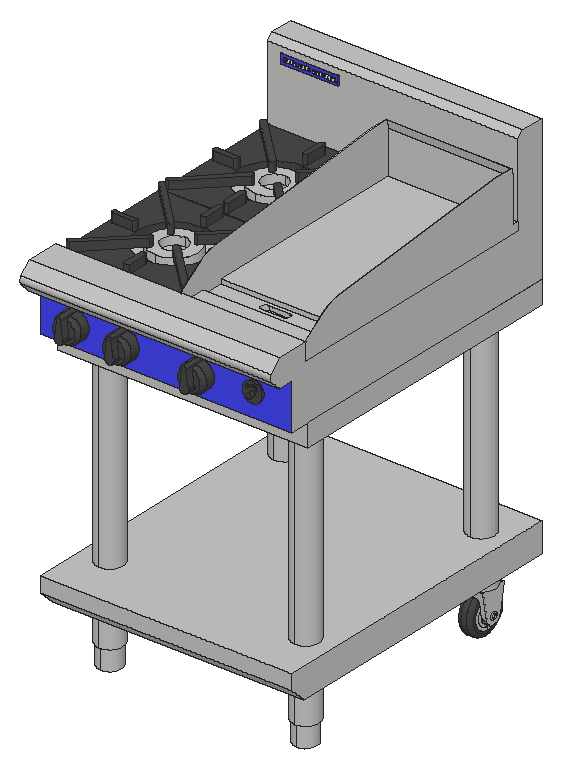
Revit family "QF_MOFFAT_BLUESEAL_CE_G514C-LS", category Specialty Equipment, Revit 2012 (continued)
Definition of nested family "GAS BURNER & GRIDDLE 300"
  Lines and regions (mm)
    symbolic lines
      curve 33: spline (6.102, -304.847, 0) -> (5.341, -305.916, 0) -> (4.941, -307.221, 0) -> (4.928, -308.672, 0) -> (5.303, -310.171, 0) -> (6.041, -311.616, 0) -> (7.092, -312.908, 0) -> (8.384, -313.959, 0) -> (9.829, -314.697, 0) -> (11.328, -315.072, 0) -> (12.779, -315.059, 0) -> (14.084, -314.659, 0) -> (15.153, -313.898, 0)
      curve 34: line (8.898, -172.9, 0) -> (58.102, -172.9, 0)
      curve 35: spline (58.102, -172.9, 0) -> (59.396, -172.682, 0) -> (60.602, -172.043, 0) -> (61.638, -171.025, 0) -> (62.432, -169.7, 0) -> (62.932, -168.156, 0) -> (63.102, -166.5, 0) -> (62.932, -164.844, 0) -> (62.432, -163.3, 0) -> (61.638, -161.975, 0) -> (60.602, -160.957, 0) -> (59.396, -160.318, 0) -> (58.102, -160.1, 0)
      curve 36: line (58.102, -160.1, 0) -> (8.898, -160.1, 0)
      curve 37: spline (8.898, -160.1, 0) -> (7.604, -160.318, 0) -> (6.398, -160.957, 0) -> (5.362, -161.975, 0) -> (4.568, -163.3, 0) -> (4.068, -164.844, 0) -> (3.898, -166.5, 0) -> (4.068, -168.156, 0) -> (4.568, -169.7, 0) -> (5.362, -171.025, 0) -> (6.398, -172.043, 0) -> (7.604, -172.682, 0) -> (8.898, -172.9, 0)
      curve 38: line (6.102, -31.653, 0) -> (114.025, -139.576, 0)
      curve 39: spline (114.025, -139.576, 0) -> (115.095, -140.337, 0) -> (116.399, -140.738, 0) -> (117.851, -140.751, 0) -> (119.35, -140.375, 0) -> (120.795, -139.637, 0) -> (122.086, -138.586, 0) -> (123.137, -137.295, 0) -> (123.875, -135.85, 0) -> (124.251, -134.351, 0) -> (124.238, -132.899, 0) -> (123.837, -131.595, 0) -> (123.076, -130.525, 0)
      curve 40: line (123.076, -130.525, 0) -> (15.153, -22.602, 0)
      curve 41: spline (15.153, -22.602, 0) -> (13.924, -21.681, 0) -> (12.47, -21.131, 0) -> (10.89, -20.99, 0) -> (9.292, -21.267, 0) -> (7.786, -21.943, 0) -> (6.473, -22.973, 0) -> (5.443, -24.286, 0) -> (4.767, -25.792, 0) -> (4.49, -27.39, 0) -> (4.631, -28.97, 0) -> (5.181, -30.424, 0) -> (6.102, -31.653, 0)
      curve 42: arc (150, -136.5, 0) -> (180, -166.5, 0) -> (150, -196.5, 0) r 30
      curve 43: arc (150, -196.5, 0) -> (120, -166.5, 0) -> (150, -136.5, 0) r 30
      curve 44: line (156.4, -311.102, 0) -> (156.4, -261.898, 0)
      curve 45: spline (156.4, -261.898, 0) -> (156.182, -260.604, 0) -> (155.543, -259.398, 0) -> (154.525, -258.362, 0) -> (153.2, -257.568, 0) -> (151.656, -257.068, 0) -> (150, -256.898, 0) -> (148.344, -257.068, 0) -> (146.8, -257.568, 0) -> (145.475, -258.362, 0) -> (144.457, -259.398, 0) -> (143.818, -260.604, 0) -> (143.6, -261.898, 0)
      curve 46: line (143.6, -261.898, 0) -> (143.6, -311.102, 0)
      curve 47: spline (143.6, -311.102, 0) -> (143.818, -312.396, 0) -> (144.457, -313.602, 0) -> (145.475, -314.638, 0) -> (146.8, -315.432, 0) -> (148.344, -315.932, 0) -> (150, -316.102, 0) -> (151.656, -315.932, 0) -> (153.2, -315.432, 0) -> (154.525, -314.638, 0) -> (155.543, -313.602, 0) -> (156.182, -312.396, 0) -> (156.4, -311.102, 0)
      curve 48: line (156.4, -378.102, 0) -> (156.4, -328.898, 0)
      curve 49: spline (156.4, -328.898, 0) -> (156.182, -327.604, 0) -> (155.543, -326.398, 0) -> (154.525, -325.362, 0) -> (153.2, -324.568, 0) -> (151.656, -324.068, 0) -> (150, -323.898, 0) -> (148.344, -324.068, 0) -> (146.8, -324.568, 0) -> (145.475, -325.362, 0) -> (144.457, -326.398, 0) -> (143.818, -327.604, 0) -> (143.6, -328.898, 0)
      curve 50: line (143.6, -328.898, 0) -> (143.6, -378.102, 0)
      curve 51: spline (143.6, -378.102, 0) -> (143.818, -379.396, 0) -> (144.457, -380.602, 0) -> (145.475, -381.638, 0) -> (146.8, -382.432, 0) -> (148.344, -382.932, 0) -> (150, -383.102, 0) -> (151.656, -382.932, 0) -> (153.2, -382.432, 0) -> (154.525, -381.638, 0) -> (155.543, -380.602, 0) -> (156.182, -379.396, 0) -> (156.4, -378.102, 0)
      curve 52: line (284.847, -326.102, 0) -> (176.924, -434.025, 0)
      curve 53: spline (176.924, -434.025, 0) -> (176.163, -435.095, 0) -> (175.762, -436.399, 0) -> (175.749, -437.851, 0) -> (176.125, -439.35, 0) -> (176.863, -440.795, 0) -> (177.914, -442.086, 0) -> (179.205, -443.137, 0) -> (180.65, -443.875, 0) -> (182.149, -444.251, 0) -> (183.601, -444.238, 0) -> (184.905, -443.837, 0) -> (185.975, -443.076, 0)
      curve 54: line (185.975, -443.076, 0) -> (293.898, -335.153, 0)
      curve 55: spline (293.898, -335.153, 0) -> (294.659, -334.084, 0) -> (295.059, -332.779, 0) -> (295.072, -331.328, 0) -> (294.697, -329.829, 0) -> (293.959, -328.384, 0) -> (292.908, -327.092, 0) -> (291.616, -326.041, 0) -> (290.171, -325.303, 0) -> (288.672, -324.928, 0) -> (287.221, -324.941, 0) -> (285.916, -325.341, 0) -> (284.847, -326.102, 0)
      curve 56: line (123.076, -434.025, 0) -> (15.153, -326.102, 0)
      curve 57: spline (15.153, -326.102, 0) -> (13.924, -325.181, 0) -> (12.47, -324.631, 0) -> (10.89, -324.49, 0) -> (9.292, -324.767, 0) -> (7.786, -325.443, 0) -> (6.473, -326.473, 0) -> (5.443, -327.786, 0) -> (4.767, -329.292, 0) -> (4.49, -330.89, 0) -> (4.631, -332.47, 0) -> (5.181, -333.924, 0) -> (6.102, -335.153, 0)
      curve 58: line (6.102, -335.153, 0) -> (114.025, -443.076, 0)
      curve 59: spline (114.025, -443.076, 0) -> (115.095, -443.837, 0) -> (116.399, -444.238, 0) -> (117.851, -444.251, 0) -> (119.35, -443.875, 0) -> (120.795, -443.137, 0) -> (122.086, -442.086, 0) -> (123.137, -440.795, 0) -> (123.875, -439.35, 0) -> (124.251, -437.851, 0) -> (124.238, -436.399, 0) -> (123.837, -435.095, 0) -> (123.076, -434.025, 0)
      curve 60: line (58.102, -463.6, 0) -> (8.898, -463.6, 0)
      curve 61: spline (8.898, -463.6, 0) -> (7.604, -463.818, 0) -> (6.398, -464.457, 0) -> (5.362, -465.475, 0) -> (4.568, -466.8, 0) -> (4.068, -468.344, 0) -> (3.898, -470, 0) -> (4.068, -471.656, 0) -> (4.568, -473.2, 0) -> (5.362, -474.525, 0) -> (6.398, -475.543, 0) -> (7.604, -476.182, 0) -> (8.898, -476.4, 0)
      curve 62: line (8.898, -476.4, 0) -> (58.102, -476.4, 0)
      curve 63: spline (58.102, -476.4, 0) -> (59.396, -476.182, 0) -> (60.602, -475.543, 0) -> (61.638, -474.525, 0) -> (62.432, -473.2, 0) -> (62.932, -471.656, 0) -> (63.102, -470, 0) -> (62.932, -468.344, 0) -> (62.432, -466.8, 0) -> (61.638, -465.475, 0) -> (60.602, -464.457, 0) -> (59.396, -463.818, 0) -> (58.102, -463.6, 0)
      curve 64: line (114.025, -496.924, 0) -> (6.102, -603.347, 0)
      curve 65: spline (6.102, -603.347, 0) -> (5.341, -604.416, 0) -> (4.941, -605.721, 0) -> (4.928, -607.172, 0) -> (5.303, -608.671, 0) -> (6.041, -610.116, 0) -> (7.092, -611.408, 0) -> (8.384, -612.459, 0) -> (9.829, -613.197, 0) -> (11.328, -613.572, 0) -> (12.779, -613.559, 0) -> (14.084, -613.159, 0) -> (15.153, -612.398, 0)
      curve 66: line (15.153, -612.398, 0) -> (123.076, -505.975, 0)
      curve 67: spline (123.076, -505.975, 0) -> (123.837, -504.905, 0) -> (124.238, -503.601, 0) -> (124.251, -502.149, 0) -> (123.875, -500.65, 0) -> (123.137, -499.205, 0) -> (122.086, -497.914, 0) -> (120.795, -496.863, 0) -> (119.35, -496.125, 0) -> (117.851, -495.749, 0) -> (116.399, -495.762, 0) -> (115.095, -496.163, 0) -> (114.025, -496.924, 0)
      curve 68: line (156.4, -609.602, 0) -> (156.4, -561.898, 0)
      curve 69: spline (156.4, -561.898, 0) -> (156.182, -560.604, 0) -> (155.543, -559.398, 0) -> (154.525, -558.362, 0) -> (153.2, -557.568, 0) -> (151.656, -557.068, 0) -> (150, -556.898, 0) -> (148.344, -557.068, 0) -> (146.8, -557.568, 0) -> (145.475, -558.362, 0) -> (144.457, -559.398, 0) -> (143.818, -560.604, 0) -> (143.6, -561.898, 0)
      curve 70: line (143.6, -561.898, 0) -> (143.6, -609.602, 0)
      curve 71: spline (143.6, -609.602, 0) -> (143.818, -610.896, 0) -> (144.457, -612.102, 0) -> (145.475, -613.138, 0) -> (146.8, -613.932, 0) -> (148.344, -614.432, 0) -> (150, -614.602, 0) -> (151.656, -614.432, 0) -> (153.2, -613.932, 0) -> (154.525, -613.138, 0) -> (155.543, -612.102, 0) -> (156.182, -610.896, 0) -> (156.4, -609.602, 0)
      curve 72: line (176.924, -505.975, 0) -> (284.847, -612.398, 0)
      curve 73: spline (284.847, -612.398, 0) -> (285.916, -613.159, 0) -> (287.221, -613.559, 0) -> (288.672, -613.572, 0) -> (290.171, -613.197, 0) -> (291.616, -612.459, 0) -> (292.908, -611.408, 0) -> (293.959, -610.116, 0) -> (294.697, -608.671, 0) -> (295.072, -607.172, 0) -> (295.059, -605.721, 0) -> (294.659, -604.416, 0) -> (293.898, -603.347, 0)
      curve 74: line (293.898, -603.347, 0) -> (185.975, -496.924, 0)
      curve 75: spline (185.975, -496.924, 0) -> (184.905, -496.163, 0) -> (183.601, -495.762, 0) -> (182.149, -495.749, 0) -> (180.65, -496.125, 0) -> (179.205, -496.863, 0) -> (177.914, -497.914, 0) -> (176.863, -499.205, 0) -> (176.125, -500.65, 0) -> (175.749, -502.149, 0) -> (175.762, -503.601, 0) -> (176.163, -504.905, 0) -> (176.924, -505.975, 0)
      curve 76: arc (149.991, -384.418, 0) -> (179.687, -389.836, 0) -> (205.556, -405.393, 0) r 84.082
      curve 77: arc (149.991, -552.582, 0) -> (121.173, -547.489, 0) -> (95.845, -532.827, 0) r 84.082
      curve 78: arc (150, -523.5, 0) -> (167.666, -520.693, 0) -> (183.592, -512.55, 0) r 57
      curve 79: arc (150, -409.5, 0) -> (130.014, -413.119, 0) -> (112.566, -423.515, 0) r 57
      curve 80: arc (150, -436.5, 0) -> (180, -466.5, 0) -> (150, -496.5, 0) r 30
      curve 81: arc (150, -496.5, 0) -> (120, -466.5, 0) -> (150, -436.5, 0) r 30
      curve 82: line (291.102, -463.6, 0) -> (241.898, -463.6, 0)
      curve 83: spline (241.898, -463.6, 0) -> (240.604, -463.818, 0) -> (239.398, -464.457, 0) -> (238.362, -465.475, 0) -> (237.568, -466.8, 0) -> (237.068, -468.344, 0) -> (236.898, -470, 0) -> (237.068, -471.656, 0) -> (237.568, -473.2, 0) -> (238.362, -474.525, 0) -> (239.398, -475.543, 0) -> (240.604, -476.182, 0) -> (241.898, -476.4, 0)
      curve 84: line (241.898, -476.4, 0) -> (291.102, -476.4, 0)
      curve 85: arc (96.324, -103.773, 0) -> (121.466, -89.404, 0) -> (149.991, -84.418, 0) r 84.082
      curve 86: arc (212.871, -112.68, 0) -> (234.066, -167.408, 0) -> (214.3, -222.668, 0) r 84.082
      curve 87: arc (194.454, -202.178, 0) -> (207, -166.598, 0) -> (194.576, -130.975, 0) r 57
      curve 88: arc (114.628, -211.197, 0) -> (131.275, -220.336, 0) -> (150, -223.5, 0) r 57
      curve 89: arc (105.424, -130.975, 0) -> (93, -166.598, 0) -> (105.546, -202.178, 0) r 57
      curve 90: arc (187.434, -423.515, 0) -> (169.986, -413.119, 0) -> (150, -409.5, 0) r 57
      curve 91: arc (103.911, -432.962, 0) -> (93.053, -468.956, 0) -> (106.969, -503.881, 0) r 57
      curve 92: arc (109.732, -506.842, 0) -> (110.614, -507.704, 0) -> (111.516, -508.547, 0) r 57
      curve 93: arc (193.031, -503.881, 0) -> (206.947, -468.956, 0) -> (196.089, -432.962, 0) r 57
      curve 94: arc (214.491, -414.56, 0) -> (234.068, -469.429, 0) -> (213.283, -523.853, 0) r 84.082
      curve 95: arc (94.436, -405.385, 0) -> (120.301, -389.834, 0) -> (149.991, -384.418, 0) r 84.082
      curve 96: arc (86.707, -523.862, 0) -> (65.914, -469.429, 0) -> (85.499, -414.55, 0) r 84.082
      curve 97: arc (116.408, -512.55, 0) -> (132.334, -520.693, 0) -> (150, -523.5, 0) r 57
      curve 98: arc (204.147, -532.819, 0) -> (178.816, -547.487, 0) -> (149.991, -552.582, 0) r 84.082
      curve 99: arc (185.525, -121.924, 0) -> (168.817, -112.696, 0) -> (150, -109.5, 0) r 57
      curve 100: arc (205.331, -231.803, 0) -> (179.547, -247.216, 0) -> (149.991, -252.582, 0) r 84.082
      curve 101: arc (85.69, -222.678, 0) -> (65.916, -167.408, 0) -> (87.119, -112.67, 0) r 84.082
      curve 102: line (299, -315.5, 0) -> (299, -3, 0)
      curve 103: arc (299, -3, 0) -> (298.121, -0.879, 0) -> (296, 0, 0) r 3
      curve 104: spline (291.102, -172.9, 0) -> (292.396, -172.682, 0) -> (293.602, -172.043, 0) -> (294.638, -171.025, 0) -> (295.432, -169.7, 0) -> (295.932, -168.156, 0) -> (296.102, -166.5, 0) -> (295.932, -164.844, 0) -> (295.432, -163.3, 0) -> (294.638, -161.975, 0) -> (293.602, -160.957, 0) -> (292.396, -160.318, 0) -> (291.102, -160.1, 0)
      curve 105: spline (291.102, -476.4, 0) -> (292.396, -476.182, 0) -> (293.602, -475.543, 0) -> (294.638, -474.525, 0) -> (295.432, -473.2, 0) -> (295.932, -471.656, 0) -> (296.102, -470, 0) -> (295.932, -468.344, 0) -> (295.432, -466.8, 0) -> (294.638, -465.475, 0) -> (293.602, -464.457, 0) -> (292.396, -463.818, 0) -> (291.102, -463.6, 0)
      curve 106: arc (296, -635, 0) -> (298.121, -634.121, 0) -> (299, -632, 0) r 3
      curve 107: line (299, -632, 0) -> (299, -324.5, 0)
      curve 108: arc (299, -324.5, 0) -> (298.121, -322.379, 0) -> (296, -321.5, 0) r 3
      curve 109: arc (296, -318.5, 0) -> (298.121, -317.621, 0) -> (299, -315.5, 0) r 3
  Dimensions and locks
    equal spacing: plane 3 "LEFT", plane 7 "Center Y", plane 4 "RIGHT"
    "Width": plane 3 "LEFT" to plane 4 "RIGHT"
    equal spacing: plane 5 "FRONT", plane 8 "Center X", plane 1 "BACK"
    "Depth": plane 5 "FRONT" to plane 1 "BACK"
    aligned and locked: level to plane 2
  Automatic sketch dimensions
    plane 3 "LEFT" to Extrusion 1 sketch curve = 4 mm  (x2)
    plane 1 "BACK" to Extrusion 1 sketch curve = 0 mm
    plane 3 "LEFT" to Extrusion 1 sketch curve = 1 mm  (x2)
    Extrusion 1 sketch curve to Extrusion 1 sketch curve = 3 mm  (x5)
    plane 8 "Center X" to Extrusion 1 sketch curve = 149 mm
    Extrusion 1 sketch curve to plane 7 "Center Y" = 1 mm  (x2)
    plane 8 "Center X" to Extrusion 1 sketch curve = 2 mm  (x2)
    Extrusion 1 sketch curve to plane 5 "FRONT" = 166.5 mm
    Extrusion 1 sketch curve to plane 5 "FRONT" = 3 mm  (x2)
    plane 3 "LEFT" to Extrusion 1 sketch curve = 149.991 mm  (x2)
    Extrusion 2 sketch curve to Extrusion 1 = 22.602 mm  (x2)
    Extrusion 2 sketch curve to Extrusion 1 = 25.398 mm  (x2)
    Extrusion 2 sketch curve to Extrusion 2 sketch curve = 4.525 mm  (x16)
    Extrusion 2 sketch curve to Extrusion 2 sketch curve = 49.204 mm  (x5)
    Extrusion 2 sketch curve to Extrusion 2 sketch curve = 55.923 mm  (x5)
    Extrusion 2 sketch curve to Extrusion 2 sketch curve = 0 mm  (x5)
    Extrusion 2 sketch curve to Extrusion 2 sketch curve = 20.524 mm  (x8)
    Extrusion 2 sketch curve to Extrusion 2 sketch curve = 6.4 mm  (x8)
    Extrusion 2 sketch curve to Extrusion 2 sketch curve = 53.847 mm  (x8)
    Extrusion 2 sketch curve to Extrusion 1 = 56.602 mm
    Extrusion 2 sketch curve to Extrusion 1 = 5.102 mm  (x6)
    Extrusion 2 sketch curve to Extrusion 1 = 13.653 mm  (x2)
    Extrusion 2 sketch curve to Extrusion 1 = 7.398 mm  (x2)
    Extrusion 2 sketch curve to Extrusion 1 = 4.602 mm  (x2)
    Extrusion 2 sketch curve to Extrusion 1 = 7.898 mm  (x4)
    Extrusion 2 sketch curve to Extrusion 1 = 31.653 mm  (x2)
    Extrusion 2 sketch curve to Extrusion 1 = 57.102 mm
    Extrusion 2 sketch curve to Extrusion 1 = 14.153 mm
    Extrusion 3 sketch curve to Extrusion 3 sketch curve = 0 mm  (x24)
    plane 8 "Center X" to Extrusion 3 sketch curve = 208 mm
    Extrusion 3 sketch curve to Extrusion 3 sketch curve = 27 mm  (x2)
    Extrusion 3 sketch curve to Extrusion 3 sketch curve = 30 mm  (x2)
    Extrusion 3 sketch curve to plane 5 "FRONT" = 225.5 mm
    plane 3 "LEFT" to Extrusion 3 sketch curve = 150 mm  (x2)
    curve 8 to curve 9 = 0 mm
    curve 8 to curve 42 = 0 mm  (x2)
    curve 8 to curve 87 = 0 mm  (x2)
    curve 8 to curve 88 = 0 mm
    curve 8 to curve 89 = 0 mm
    curve 8 to curve 99 = 0 mm  (x2)
    curve 9 to curve 89 = 0 mm
    curve 10 to curve 11 = 0 mm  (x2)
    curve 10 to curve 85 = 0 mm
    curve 10 to curve 86 = 0 mm  (x2)
    curve 10 to curve 100 = 0 mm
    curve 76 to curve 77 = 0 mm
    curve 76 to curve 94 = 0 mm
    curve 78 to curve 79 = 0 mm
    curve 78 to curve 80 = 0 mm  (x2)
    curve 78 to curve 90 = 0 mm  (x2)
    curve 78 to curve 91 = 0 mm
    curve 78 to curve 92 = 0 mm
    curve 78 to curve 93 = 0 mm  (x2)
    curve 79 to curve 91 = 0 mm
    curve 92 to curve 97 = 0 mm
    curve 93 to curve 97 = 0 mm
    curve 94 to curve 98 = 0 mm  (x2)
    curve 95 to curve 98 = 0 mm  (x2)
    curve 96 to curve 98 = 0 mm  (x2)
    curve 100 to curve 101 = 0 mm  (x2)
    plane 5 "FRONT" to curve 24 = 0 mm
    plane 1 "BACK" to curve 17 = 0 mm
    plane 3 "LEFT" to curve 17 = 1 mm
    plane 3 "LEFT" to curve 24 = 1 mm
    curve 22 to curve 22 = 3 mm
    curve 19 to plane 8 "Center X" = 1 mm
    curve 19 to curve 22 = 0 mm
    plane 3 "LEFT" to curve 24 = 4 mm
    plane 3 "LEFT" to curve 17 = 4 mm
    plane 3 "LEFT" to curve 58 = 6.102 mm
    plane 3 "LEFT" to curve 33 = 6.102 mm
    plane 3 "LEFT" to curve 65 = 6.102 mm
    plane 3 "LEFT" to curve 38 = 6.102 mm
    plane 3 "LEFT" to curve 61 = 8.898 mm
    plane 3 "LEFT" to curve 37 = 8.898 mm
    curve 33 to curve 33 = 4.525 mm
    curve 64 to curve 65 = 4.525 mm
    curve 57 to curve 57 = 4.525 mm
    curve 38 to curve 41 = 4.525 mm
    curve 36 to curve 35 = 49.204 mm
    curve 62 to curve 63 = 49.204 mm
    curve 60 to curve 96 = 27.397 mm
    curve 35 to curve 101 = 27.588 mm
    curve 62 to curve 96 = 28.605 mm
    curve 36 to curve 101 = 29.017 mm
    curve 96 to curve 95 = 8.937 mm
    curve 101 to curve 11 = 8.97 mm
    curve 96 to curve 77 = 9.138 mm
    curve 101 to curve 85 = 9.204 mm
    curve 96 to curve 91 = 18.412 mm
    curve 101 to curve 89 = 18.305 mm
    curve 101 to curve 89 = 19.856 mm
    curve 96 to curve 91 = 20.262 mm
    curve 91 to curve 92 = 2.762 mm
    curve 92 to curve 92 = 1.784 mm
    curve 91 to curve 79 = 8.655 mm
    curve 91 to curve 67 = 7.056 mm
    curve 89 to curve 39 = 8.601 mm
    curve 89 to curve 32 = 8.479 mm
    curve 91 to curve 59 = 10.114 mm
    curve 89 to curve 9 = 9.051 mm
    curve 89 to curve 88 = 9.081 mm
    curve 92 to curve 97 = 4.893 mm
    curve 58 to curve 59 = 4.525 mm
    curve 31 to curve 31 = 4.525 mm
    curve 67 to curve 67 = 4.525 mm
    curve 38 to curve 39 = 4.525 mm
    plane 8 "Center X" to curve 47 = 6.398 mm
    curve 11 to curve 47 = 48.939 mm
    curve 79 to curve 51 = 31.034 mm
    curve 71 to plane 5 "FRONT" = 25.398 mm
    curve 77 to curve 71 = 47.755 mm
    curve 85 to curve 15 = 47.276 mm
    curve 59 to curve 77 = 31.44 mm
    curve 15 to curve 10 = 6.391 mm
    curve 76 to curve 97 = 0.009 mm
    curve 76 to curve 51 = 0.009 mm
    curve 46 to curve 47 = 6.4 mm
    curve 10 to curve 8 = 0.009 mm
    curve 70 to curve 71 = 6.4 mm
    curve 15 to curve 15 = 6.4 mm
    curve 80 to curve 53 = 26.924 mm
    curve 43 to curve 28 = 26.924 mm
    curve 43 to curve 2 = 26.924 mm
    curve 80 to curve 75 = 26.924 mm
    curve 1 to curve 2 = 4.525 mm
    curve 28 to curve 27 = 4.525 mm
    curve 75 to curve 75 = 4.525 mm
    curve 53 to curve 53 = 4.525 mm
    curve 75 to curve 78 = 6.668 mm
    curve 28 to curve 8 = 8.448 mm
    curve 2 to curve 99 = 8.601 mm
    curve 53 to curve 90 = 10.51 mm
    curve 75 to curve 93 = 7.056 mm
    curve 26 to curve 87 = 8.479 mm
    curve 2 to curve 87 = 8.601 mm  (x2)
    curve 90 to curve 93 = 8.655 mm
    curve 99 to curve 10 = 18.144 mm
    curve 78 to curve 98 = 20.555 mm
    curve 8 to curve 100 = 19.959 mm
    curve 90 to curve 76 = 18.122 mm
    curve 10 to curve 86 = 9.203 mm
    curve 98 to curve 94 = 9.136 mm
    curve 100 to curve 86 = 8.969 mm
    curve 76 to curve 94 = 8.936 mm
    curve 94 to curve 84 = 28.615 mm
    curve 6 to plane 7 "Center Y" = 58.102 mm
    plane 8 "Center X" to curve 29 = 3.602 mm
    curve 29 to plane 7 "Center Y" = 15.153 mm
    curve 52 to curve 28 = 0 mm
    curve 4 to plane 7 "Center Y" = 15.153 mm
    curve 72 to plane 7 "Center Y" = 15.153 mm
    curve 4 to curve 4 = 4.525 mm
    curve 55 to curve 55 = 4.525 mm
    curve 29 to curve 29 = 4.525 mm
    curve 72 to curve 73 = 4.525 mm
    curve 104 to plane 7 "Center Y" = 8.898 mm
    curve 82 to plane 7 "Center Y" = 8.898 mm
    curve 103 to plane 7 "Center Y" = 4 mm
    curve 106 to plane 7 "Center Y" = 4 mm
    curve 20 to curve 21 = 0 mm
    curve 102 to plane 7 "Center Y" = 1 mm
    curve 106 to plane 7 "Center Y" = 1 mm
    curve 24 to curve 66 = 19.602 mm
    curve 106 to curve 72 = 19.602 mm
    curve 71 to curve 69 = 47.704 mm
    curve 69 to curve 77 = 9.316 mm
    curve 70 to curve 77 = 29.07 mm
    curve 77 to curve 96 = 8.965 mm
    curve 98 to curve 94 = 8.967 mm
    curve 77 to curve 78 = 29.082 mm
    curve 98 to curve 78 = 20.269 mm
    curve 97 to curve 92 = 4.003 mm
    curve 97 to curve 67 = 6.575 mm
    curve 78 to curve 72 = 6.575 mm
    curve 92 to curve 91 = 2.96 mm
    curve 93 to curve 75 = 6.958 mm
    curve 97 to curve 81 = 27 mm
    curve 96 to curve 63 = 47.462 mm
    curve 94 to curve 84 = 47.453 mm
    curve 62 to curve 63 = 6.4 mm
    curve 83 to curve 83 = 6.4 mm
    curve 53 to curve 93 = 10.114 mm
    curve 58 to curve 91 = 10.114 mm
    curve 93 to curve 90 = 9.447 mm
    curve 94 to curve 76 = 9.166 mm
    curve 76 to curve 51 = 6.316 mm
    curve 55 to curve 20 = 16.653 mm
    curve 58 to curve 20 = 16.653 mm
    curve 49 to plane 8 "Center X" = 11.398 mm
    curve 22 to curve 19 = 6 mm
    plane 8 "Center X" to curve 102 = 2 mm
    plane 8 "Center X" to curve 33 = 3.602 mm
    curve 44 to curve 45 = 49.204 mm
    curve 45 to curve 11 = 9.316 mm
    curve 45 to curve 11 = 30.086 mm
    curve 100 to curve 8 = 29.082 mm
    curve 11 to curve 101 = 9.134 mm
    curve 100 to curve 86 = 9.135 mm
    curve 100 to curve 8 = 20.606 mm
    curve 8 to curve 27 = 8.722 mm
    curve 88 to curve 31 = 8.722 mm
    curve 89 to curve 32 = 8.754 mm
    curve 87 to curve 26 = 8.754 mm
    curve 8 to curve 42 = 27 mm
    curve 86 to curve 7 = 49.768 mm
    curve 101 to curve 34 = 49.778 mm
    curve 104 to curve 104 = 6.4 mm
    curve 34 to curve 35 = 6.4 mm
    curve 38 to curve 89 = 8.601 mm
    curve 39 to curve 9 = 8.601 mm
    curve 86 to curve 10 = 8.899 mm
    curve 10 to curve 15 = 9.816 mm
    curve 4 to curve 103 = 28.653 mm
    curve 38 to curve 17 = 28.653 mm
    plane 1 "BACK" to curve 13 = 25.398 mm
    radius of Extrusion 1 sketch curve = 84.082 mm  (x2)
  Nested families
    nested 1: "GAS GRIDDLE PLATE 300" at (300, -15, 0), type "GAS GRIDDLE PLATE 300"
      with Width 300 mm, Type Mark "", Status "", Specification by User "", Revision Code "", Item Number "", Installed By "", Identify Quantity as Lot yes, Furnished By "", Foodservice Equipment Identifier yes, Depth 620 mm
  Definition of nested family "GAS GRIDDLE PLATE 300"
    Parameters (values of type "GAS GRIDDLE PLATE 300")
      Width [instance] = 300 mm
      Weight in Pounds = 0
      URL Cutsheet = ""
      Type Mark [instance] = ""
      Status [instance] = ""
      Specification by User [instance] = ""
      Specification by Manufacturer = ""
      Serial Number = ""
      Seismic Rating = ""
      SMACNA No = ""
      Revision Code [instance] = ""
      Omniclass Number and Title = ""
      NAFEM Spec ID Number = ""
      Masterspec = ""
      Item Number [instance] = ""
      Installed By [instance] = ""
      Identify Quantity as Lot [instance] = yes
      Furnished By [instance] = ""
      Foodservice Equipment Identifier [instance] = yes
      Depth [instance] = 620 mm
      CSI MasterFormat = ""
      CSI Master Format = ""
    Reference planes
      plane 1 "BACK": y = 0
      plane 2: z = 0
      plane 3 "LEFT": x = 0
      plane 4 "RIGHT": x = 300
      plane 5 "FRONT": y = -620
      plane 6 "TOP": z = 142.5
      plane 7 "Center Y": x = 150
      plane 8 "Center X": y = -310
      plane 9: y = -530.997
      plane 10: y = -541.497
      plane 11: y = -503.25
      plane 12: y = -557.737
    Forms (mm)
      Extrusion 1, solid, material "QF_Finishes_Stainless Steel"
        sketch origin (0, 70.003, -874.5) x (0, 1, 0) y (0, 0, 1)
          loop
            line (-70, 875) -> (-70, 997.489) -> (-75.228, 1017) -> (-117.24, 1017) -> (-589.533, 971.523)
            arc (-589.533, 971.523) -> (-614.56, 965.803) -> (-637.306, 953.899) r 100
            line (-637.306, 953.899) -> (-690.003, 917) -> (-690.003, 875) -> (-70, 875)
        from 0 to 1.8
      Extrusion 2, solid, material "QF_Finishes_Stainless Steel"
        sketch origin (600, 70.003, -874.5) x (0, -1, 0) y (0, 0, 1)
          loop
            line (70, 875) -> (690.003, 875) -> (690.003, 917) -> (637.306, 953.899)
            arc (637.306, 953.899) -> (614.56, 965.803) -> (589.533, 971.523) r 100
            line (589.533, 971.523) -> (117.24, 1017) -> (75.228, 1017) -> (70, 997.489) -> (70, 875)
        from 300 to 301.2
      Extrusion 3, solid, material "QF_Finishes_Stainless Steel"
        sketch origin (150, 70.003, -874.5) x (0, 1, 0) y (0, 0, 1)
          loop
            line (-55, 895) -> (-573.253, 895) -> (-573.253, 884.5) -> (-627.74, 884.5) -> (-627.74, 895) -> (-690.003, 895) -> (-690.003, 875) -> (-55, 875) -> (-55, 895)
        from -148.2 to 150
      Extrusion 4, void
        sketch origin (150, -541.497, 10) x (0, -1, 0) y (1, 0, 0)
          loop
            arc (-7.497, 25) -> (-17.497, 35) -> (-27.497, 25) r 10
            line (-27.497, 25) -> (-27.497, -25)
            arc (-27.497, -25) -> (-17.497, -35) -> (-7.497, -25) r 10
            line (-7.497, -25) -> (-7.497, 25)
        from -41.4 to 40.142
      Extrusion 5, solid, material "QF_Finishes_Stainless Steel"
        sketch origin (0, 70.003, -874.5) x (0, 1, 0) y (0, 0, 1)
          loop
            line (-70, 875) -> (-70, 997.489) -> (-75.228, 1017) -> (-76.884, 1017) -> (-71.6, 997.278) -> (-71.6, 875) -> (-70, 875)
        from 0 to 298.8
    Cuts and joins
      Extrusion 4 cuts Extrusion 3
      joined: Extrusion 1, Extrusion 2, Extrusion 3, Extrusion 5
    Lines and regions (mm)
      symbolic lines
        curve 1: line (300, -503.25, 0) -> (0, -503.25, 0)
        curve 2: line (0, -557.737, 0) -> (300, -557.737, 0)
        curve 3: line (0, -1.68, 0) -> (300, -1.68, 0)
        curve 4: line (300, -1.68, 0) -> (300, -620, 0)
        curve 5: line (0, -620, 0) -> (0, -1.68, 0)
        curve 6: line (0, -620, 0) -> (300, -620, 0)
        curve 7: arc (175, -534, 0) -> (185, -524, 0) -> (175, -514, 0) r 10
        curve 8: line (175, -514, 0) -> (125, -514, 0)
        curve 9: arc (125, -514, 0) -> (115, -524, 0) -> (125, -534, 0) r 10
        curve 10: line (125, -534, 0) -> (175, -534, 0)
    Dimensions and locks
      equal spacing: plane 3 "LEFT", plane 7 "Center Y", plane 4 "RIGHT"
      "Width": plane 3 "LEFT" to plane 4 "RIGHT"
      equal spacing: plane 5 "FRONT", plane 8 "Center X", plane 1 "BACK"
      "Depth": plane 5 "FRONT" to plane 1 "BACK"
      locked: Extrusion 2 to Extrusion 2 at 1.2
      equal spacing: Extrusion 4 sketch curve, plane 7 "Center Y", Extrusion 4 sketch curve, locked at 35 each
      aligned and locked: level to plane 2
      aligned and locked: Extrusion 2 to plane 4 "RIGHT"
      aligned and locked: curve 1 to plane 11
      aligned and locked: plane 12 to curve 2
      aligned and locked: Extrusion 5 to cut or joined group of Extrusion 1, Extrusion 2, Extrusion 3, Extrusion 4, Extrusion 5
    Automatic sketch dimensions
      Extrusion 1 sketch curve to plane 5 "FRONT" = 0 mm
      Extrusion 1 sketch curve to plane 6 "TOP" = 0 mm
      plane 12 to Extrusion 1 sketch curve = 9.566 mm
      plane 11 to Extrusion 1 sketch curve = 16.28 mm
      Extrusion 1 sketch curve to level = 2.516 mm
      plane 11 to Extrusion 1 sketch curve = 6.695 mm
      plane 1 "BACK" to Extrusion 1 sketch curve = 47.237 mm
      plane 1 "BACK" to Extrusion 1 sketch curve = 5.225 mm
      Extrusion 1 sketch curve to plane 1 "BACK" = 0.003 mm
      level to Extrusion 1 sketch curve = 0.5 mm
      Extrusion 1 sketch curve to Extrusion 1 sketch curve = 42 mm
      Extrusion 1 sketch curve to plane 6 "TOP" = 63.101 mm
      Extrusion 1 sketch curve to plane 6 "TOP" = 19.511 mm
      Extrusion 2 sketch curve to plane 6 "TOP" = 0 mm
      Extrusion 2 sketch curve to plane 5 "FRONT" = 0 mm
      plane 12 to Extrusion 2 sketch curve = 9.566 mm
      plane 11 to Extrusion 2 sketch curve = 16.28 mm
      Extrusion 2 sketch curve to level = 2.516 mm
      plane 11 to Extrusion 2 sketch curve = 6.695 mm
      plane 1 "BACK" to Extrusion 2 sketch curve = 47.237 mm
      plane 1 "BACK" to Extrusion 2 sketch curve = 5.225 mm
      Extrusion 2 sketch curve to plane 1 "BACK" = 0.003 mm
      level to Extrusion 2 sketch curve = 0.5 mm
      Extrusion 2 sketch curve to Extrusion 2 sketch curve = 42 mm
      Extrusion 2 sketch curve to plane 6 "TOP" = 63.101 mm
      Extrusion 2 sketch curve to plane 6 "TOP" = 19.511 mm
      Extrusion 3 sketch curve to plane 5 "FRONT" = 0 mm
      Extrusion 3 sketch curve to plane 12 = 0 mm
      Extrusion 3 sketch curve to plane 11 = 0 mm
      Extrusion 3 sketch curve to plane 1 "BACK" = 15.003 mm
      level to Extrusion 3 sketch curve = 0.5 mm
      level to Extrusion 3 sketch curve = 10 mm
      Extrusion 3 sketch curve to Extrusion 3 sketch curve = 10.5 mm  (x2)
      plane 11 to Extrusion 4 sketch curve = 10.75 mm
      Extrusion 4 sketch curve to Extrusion 4 sketch curve = 10 mm
      Extrusion 4 sketch curve to plane 7 "Center Y" = 25 mm
      plane 1 "BACK" to Extrusion 5 sketch curve = 5.225 mm
      Extrusion 5 sketch curve to plane 1 "BACK" = 0.003 mm
      Extrusion 5 sketch curve to plane 6 "TOP" = 19.511 mm
      Extrusion 5 sketch curve to Extrusion 5 sketch curve = 1.6 mm
      Extrusion 5 sketch curve to Extrusion 5 sketch curve = 0.211 mm
      Extrusion 5 sketch curve to plane 6 "TOP" = 0 mm
      Extrusion 5 sketch curve to Extrusion 5 sketch curve = 1.656 mm
      level to Extrusion 5 sketch curve = 0.5 mm
      curve 6 to plane 3 "LEFT" = 0 mm
      curve 4 to plane 4 "RIGHT" = 0 mm
      plane 5 "FRONT" to curve 6 = 0 mm
      plane 11 to curve 8 = 10.75 mm
      curve 8 to plane 7 "Center Y" = 25 mm
      plane 7 "Center Y" to curve 7 = 25 mm
      curve 10 to curve 7 = 20 mm
      plane 1 "BACK" to curve 3 = 1.68 mm
